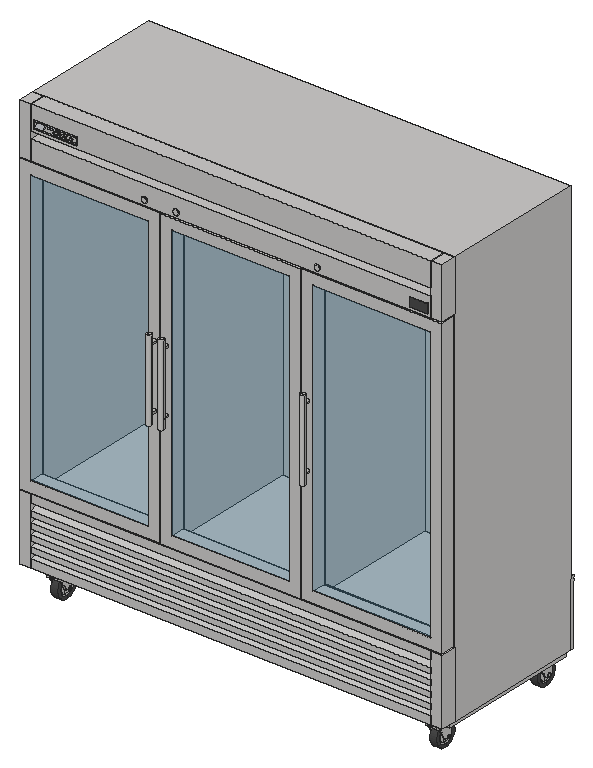
Revit family "QF_TRUE_T-72G-HC~FGD01", category Specialty Equipment, Revit 2015 (continued)
Definition of nested family "T-72G-HC-FGD01"
  Forms (in)
    Extrusion 53, solid
      sketch origin (0.01101, -26.8125, 18.875) x (0, -1, 0) y (-1, 0, 0)
        loop
          line (0, -1.157) -> (2.06523, -1.11503)
          arc (2.06523, -1.11503) -> (2.48736, -0.68546) -> (2.06523, -0.25589) r 0.42963
          line (2.06523, -0.25589) -> (0, -0.21392) -> (0, -1.157)
        loop
          circle (2.05773, -0.68546) r 0.25
      from 0 to 0.15489
    Extrusion 54, solid
      sketch origin (0.01101, -26.8125, 18.875) x (0, -1, 0) y (-1, 0, 0)
        loop
          circle (2.05773, -0.68546) r 0.25
      from 0 to 0.25
    Extrusion 55, solid
      sketch origin (24.98442, -26.46875, 73.625) x (-1, 0, 0) y (0, -1, 0)
        loop
          line (24.5625, 1.62139) -> (24.5625, 2.6725) -> (21.0974, 2.6725) -> (21.0974, 1.62139) -> (24.5625, 1.62139)
        loop
          circle (24.12704, 2.16728) r 0.25
        loop
          circle (22.47678, 2.15567) r 0.25
        loop
          circle (21.47678, 2.15567) r 0.25
      from 0 to 0.11097
    Extrusion 56, solid
      sketch origin (24.98442, -26.46875, 73.625) x (-1, 0, 0) y (0, -1, 0)
        loop
          circle (22.47678, 2.15567) r 0.25
        loop
          circle (21.47678, 2.15567) r 0.25
      from 0 to 0.25
    Extrusion 57, solid
      sketch origin (24.98442, -26.46875, 73.625) x (-1, 0, 0) y (0, -1, 0)
        loop
          circle (24.12704, 2.16728) r 0.25
      from 0 to 0.25
    Extrusion 58, solid
      sketch origin (0.17192, -26.8125, 74.11977) x (-1, 0, 0) y (0, 1, 0)
        loop
          line (-0.22917, -2.35477) -> (-0.27027, 0) -> (-1.18806, 0) -> (-1.22917, -2.35477) -> (-0.22917, -2.35477)
        loop
          circle (-0.6841, -1.82353) r 0.25
      from 0.24477 to 0.38381
    Extrusion 59, solid
      sketch origin (50.63992, -26.8125, 18.875) x (0, -1, 0) y (-1, 0, 0)
        loop
          line (0, -1.157) -> (2.06523, -1.11503)
          arc (2.06523, -1.11503) -> (2.48736, -0.68546) -> (2.06523, -0.25589) r 0.42963
          line (2.06523, -0.25589) -> (0, -0.21392) -> (0, -1.157)
        loop
          circle (2.05773, -0.68546) r 0.25
      from 0 to 0.15489
    Extrusion 60, solid
      sketch origin (50.63992, -26.8125, 18.875) x (0, -1, 0) y (-1, 0, 0)
        loop
          circle (2.05773, -0.68546) r 0.25
      from 0 to 0.25
    Extrusion 61, solid
      sketch origin (72.3474, -26.46875, 73.625) x (-1, 0, 0) y (0, -1, 0)
        loop
          line (24.5625, 1.62139) -> (24.5625, 2.6725) -> (21.0974, 2.6725) -> (21.0974, 1.62139) -> (24.5625, 1.62139)
        loop
          circle (24.12704, 2.16728) r 0.25
        loop
          circle (22.47678, 2.15567) r 0.25
        loop
          circle (21.47678, 2.15567) r 0.25
      from 0 to 0.11097
    Extrusion 62, solid
      sketch origin (72.3474, -26.46875, 73.625) x (-1, 0, 0) y (0, -1, 0)
        loop
          circle (22.47678, 2.15567) r 0.25
        loop
          circle (21.47678, 2.15567) r 0.25
      from 0 to 0.25
    Extrusion 63, solid
      sketch origin (72.3474, -26.46875, 73.625) x (-1, 0, 0) y (0, -1, 0)
        loop
          circle (24.12704, 2.16728) r 0.25
      from 0 to 0.25
    Extrusion 64, solid
      sketch origin (47.5349, -26.8125, 74.11977) x (-1, 0, 0) y (0, 1, 0)
        loop
          line (-0.22917, -2.35477) -> (-0.27027, 0) -> (-1.18806, 0) -> (-1.22917, -2.35477) -> (-0.22917, -2.35477)
        loop
          circle (-0.6841, -1.82353) r 0.25
      from 0.24477 to 0.38381
  Cuts and joins
    joined: Extrusion 1, Extrusion 6, Extrusion 11, Extrusion 14, Extrusion 15
  Lines and regions (in)
    symbolic lines
      curve 1: line (0, -29.875, 0) -> (78.125, -29.875, 0)
      curve 2: line (0, 0.625, 0) -> (0, -29.875, 0)
      curve 3: line (78.125, 0.625, 0) -> (0, 0.625, 0)
      curve 4: line (78.125, -29.875, 0) -> (78.125, 0.625, 0)
      curve 5: line (0, 0, 0) -> (78.125, 0, 0)
      curve 6: line (0, -26.875, 0) -> (78.125, -26.875, 0)
      curve 7: line (2, -29.875, 0) -> (2, -26.875, 0)
      curve 8: line (76.125, -29.875, 0) -> (76.125, -26.875, 0)
      curve 9: line (0, -29.875, 0) -> (22.13145, -42.6526, 0)
      curve 10: arc (25.875, -29.875, 0) -> (24.84728, -36.51109, 0) -> (22.13145, -42.6526, 0) r 25.63514
      curve 11: line (52, -29.875, 0) -> (29.86855, -42.6526, 0)
      curve 12: arc (26.125, -29.875, 0) -> (27.15272, -36.51109, 0) -> (29.86855, -42.6526, 0) r 25.63514
      curve 13: line (78.125, -29.875, 0) -> (55.99355, -42.6526, 0)
      curve 14: arc (52.25, -29.875, 0) -> (53.27772, -36.51109, 0) -> (55.99355, -42.6526, 0) r 25.63514
      curve 29: arc (24.44213, -31.0625, 0) -> (24.87963, -30.625, 0) -> (25.31713, -31.0625, 0) r 0.4375
      curve 30: arc (25.31713, -31.0625, 0) -> (24.87963, -31.5, 0) -> (24.44213, -31.0625, 0) r 0.4375
      curve 31: line (24.56137, -29.875, 0) -> (24.56137, -30.7623, 0)
      curve 32: line (25.19788, -29.875, 0) -> (25.19788, -30.7623, 0)
      curve 33: arc (26.69213, -31.0625, 0) -> (27.12963, -30.625, 0) -> (27.56713, -31.0625, 0) r 0.4375
      curve 34: arc (27.56713, -31.0625, 0) -> (27.12963, -31.5, 0) -> (26.69213, -31.0625, 0) r 0.4375
      curve 35: line (26.81137, -29.875, 0) -> (26.81137, -30.7623, 0)
      curve 36: line (27.44788, -29.875, 0) -> (27.44788, -30.7623, 0)
      curve 37: arc (52.81713, -31.0625, 0) -> (53.25463, -30.625, 0) -> (53.69213, -31.0625, 0) r 0.4375
      curve 38: arc (53.69213, -31.0625, 0) -> (53.25463, -31.5, 0) -> (52.81713, -31.0625, 0) r 0.4375
      curve 39: line (52.93637, -29.875, 0) -> (52.93637, -30.7623, 0)
      curve 40: line (53.57288, -29.875, 0) -> (53.57288, -30.7623, 0)
    symbolic lines, not visible
      curve 15: line (0, -29.8125, 0) -> (78.125, -29.8125, 0)
      curve 16: line (0, 0.6875, 0) -> (0, -29.8125, 0)
      curve 17: line (78.125, 0.6875, 0) -> (0, 0.6875, 0)
      curve 18: line (78.125, -29.8125, 0) -> (78.125, 0.6875, 0)
      curve 19: line (0, 0.0625, 0) -> (78.125, 0.0625, 0)
      curve 20: line (0, -26.8125, 0) -> (78.125, -26.8125, 0)
      curve 21: line (2, -29.8125, 0) -> (2, -26.8125, 0)
      curve 22: line (76.125, -29.8125, 0) -> (76.125, -26.8125, 0)
      curve 23: line (0, -29.8125, 0) -> (22.13145, -42.5901, 0)
      curve 24: arc (25.875, -29.8125, 0) -> (24.84728, -36.44859, 0) -> (22.13145, -42.5901, 0) r 25.63514
      curve 25: line (52, -29.8125, 0) -> (29.86855, -42.5901, 0)
      curve 26: arc (26.125, -29.8125, 0) -> (27.15272, -36.44859, 0) -> (29.86855, -42.5901, 0) r 25.63514
      curve 27: line (78.125, -29.8125, 0) -> (55.99355, -42.5901, 0)
      curve 28: arc (52.25, -29.8125, 0) -> (53.27772, -36.44859, 0) -> (55.99355, -42.5901, 0) r 25.63514
      curve 41: arc (24.44213, -31, 0) -> (24.87963, -30.5625, 0) -> (25.31713, -31, 0) r 0.4375
      curve 42: arc (25.31713, -31, 0) -> (24.87963, -31.4375, 0) -> (24.44213, -31, 0) r 0.4375
      curve 43: line (24.56137, -29.8125, 0) -> (24.56137, -30.6998, 0)
      curve 44: line (25.19788, -29.8125, 0) -> (25.19788, -30.6998, 0)
      curve 45: arc (26.69213, -31, 0) -> (27.12963, -30.5625, 0) -> (27.56713, -31, 0) r 0.4375
      curve 46: arc (27.56713, -31, 0) -> (27.12963, -31.4375, 0) -> (26.69213, -31, 0) r 0.4375
      curve 47: line (26.81137, -29.8125, 0) -> (26.81137, -30.6998, 0)
      curve 48: line (27.44788, -29.8125, 0) -> (27.44788, -30.6998, 0)
      curve 49: arc (52.81713, -31, 0) -> (53.25463, -30.5625, 0) -> (53.69213, -31, 0) r 0.4375
      curve 50: arc (53.69213, -31, 0) -> (53.25463, -31.4375, 0) -> (52.81713, -31, 0) r 0.4375
      curve 51: line (52.93637, -29.8125, 0) -> (52.93637, -30.6998, 0)
      curve 52: line (53.57288, -29.8125, 0) -> (53.57288, -30.6998, 0)
  Dimensions and locks (in)
    equal spacing: plane 3 "LEFT", plane 7 "Center Y", plane 4 "RIGHT"
    plane 3 "LEFT" to plane 4 "RIGHT" = 78 1/8"
    equal spacing: plane 5 "FRONT", plane 8 "Center X", plane 1 "BACK"
    plane 5 "FRONT" to plane 1 "BACK" = 29 7/8"  (x2)
    plane 6 "TOP" to level = 83 3/8"
    plane 4 "RIGHT" to plane 3 "LEFT" = 78 1/8"  (x2)
    plane 1 "BACK" to plane 9 = 54 7/8"  (x2)
    plane 11 to Extrusion 2 = 1/4"
    plane 6 "TOP" to plane 16 = 78 3/8"
    plane 6 "TOP" to plane 17 = 77"
    plane 24 to plane 1 "BACK" = 5/8"
    plane 25 to plane 5 "FRONT" = 1 5/8"  (x2)
    plane 5 "FRONT" to plane 24 = 30 1/2"  (x2)
    plane 25 to plane 24 = 32 1/8"  (x2)
    plane 1 "BACK" to plane 10 = 54 7/8"
    plane 1 "BACK" to plane 24 = 5/8"
    aligned and locked: level to plane 2
  Automatic sketch dimensions
    Extrusion 2 sketch curve to Extrusion 2 sketch curve = 1 1/4"  (x2)
    Extrusion 2 sketch curve to Extrusion 2 sketch curve = 3 3/4"
    Extrusion 2 sketch curve to Extrusion 2 sketch curve = 1 1/2"
    Extrusion 2 sketch curve to Extrusion 2 sketch curve = 1"  (x7)
    Extrusion 2 sketch curve to Extrusion 2 sketch curve = 2"
    Extrusion 2 sketch curve to Extrusion 2 sketch curve = 0"  (x9)
    Extrusion 2 sketch curve to Extrusion 2 sketch curve = 0.43712"
    Extrusion 3 sketch curve to Extrusion 3 sketch curve = 4.24538"
    Extrusion 3 sketch curve to Extrusion 3 sketch curve = 0"  (x4)
    Extrusion 6 sketch curve to Extrusion 1 = 0"  (x4)
    Extrusion 1 to Extrusion 6 sketch curve = 0"
    Extrusion 1 to Extrusion 6 sketch curve = 2"
    Extrusion 1 to Extrusion 6 sketch curve = 12 1/4"
    Extrusion 1 to Extrusion 6 sketch curve = 2 11/16"
    Extrusion 7 sketch curve to plane 11 = 0"  (x3)
    plane 11 to Extrusion 7 sketch curve = 2"  (x3)
    Extrusion 7 sketch curve to Extrusion 7 sketch curve = 1.99538"  (x2)
    Extrusion 7 sketch curve to Extrusion 7 sketch curve = 1/4"  (x2)
    Extrusion 7 sketch curve to Extrusion 7 sketch curve = 2"  (x8)
    Extrusion 7 sketch curve to Extrusion 7 sketch curve = 0"
    Extrusion 8 sketch curve to Extrusion 8 sketch curve = 9 1/2"
    Extrusion 11 sketch curve to Extrusion 11 sketch curve = 2"
    Extrusion 12 sketch curve to Extrusion 12 sketch curve = 1 3/4"
    Extrusion 12 sketch curve to Extrusion 12 sketch curve = 3 1/4"
    Extrusion 13 sketch curve to Extrusion 13 sketch curve = 0"  (x2)
    Extrusion 14 sketch curve to plane 13 = 0"
    Extrusion 14 sketch curve to plane 12 = 11 9/16"
    Extrusion 15 sketch curve to plane 15 = 0"
    Extrusion 15 sketch curve to Extrusion 15 sketch curve = 2"
    Extrusion 15 sketch curve to plane 14 = 11 9/16"
    Extrusion 3 sketch curve to Extrusion 3 sketch curve = 4.25462"
    Extrusion 13 sketch curve to Extrusion 13 sketch curve = 5.86763"
    Extrusion 14 sketch curve to Extrusion 14 sketch curve = 2"
    Extrusion 2 sketch curve to Extrusion 2 sketch curve = 2 1/2"
    Extrusion 9 sketch curve to Extrusion 1 = 1/4"  (x2)
    Extrusion 1 to Extrusion 9 sketch curve = 22 1/8"
    Extrusion 9 sketch curve to Extrusion 9 sketch curve = 1 1/2"  (x5)
    Extrusion 9 sketch curve to Extrusion 9 sketch curve = 22 3/8"  (x2)
    Extrusion 9 sketch curve to Extrusion 1 = 11 1/2"  (x2)
    Extrusion 9 sketch curve to Extrusion 9 sketch curve = 0"  (x6)
    Extrusion 9 sketch curve to Extrusion 9 sketch curve = 1.62134"  (x3)
    Extrusion 9 sketch curve to Extrusion 9 sketch curve = 3/4"  (x2)
    Extrusion 9 sketch curve to Extrusion 1 = 14 1/4"
    Extrusion 1 sketch curve to Extrusion 1 sketch curve = 2"
    Extrusion 1 sketch curve to Extrusion 1 sketch curve = 77"
    Extrusion 2 sketch curve to Extrusion 2 sketch curve = 4 1/2"
    Extrusion 2 sketch curve to Extrusion 2 sketch curve = 55 1/4"
    Extrusion 2 sketch curve to Extrusion 2 sketch curve = 2.0503"  (x2)
    Extrusion 2 sketch curve to Extrusion 2 sketch curve = 0.51258"
    Extrusion 2 sketch curve to Extrusion 2 sketch curve = 2.80755"
    Extrusion 2 sketch curve to Extrusion 2 sketch curve = 3"
    Extrusion 3 sketch curve to Extrusion 3 sketch curve = 21 7/8"  (x3)
    Extrusion 3 sketch curve to Extrusion 3 sketch curve = 50 3/4"
    plane 11 to Extrusion 7 sketch curve = 54 3/4"
    Extrusion 7 sketch curve to Extrusion 7 sketch curve = 21 7/8"  (x2)
    Extrusion 7 sketch curve to Extrusion 7 sketch curve = 21.88423"
    Extrusion 8 sketch curve to Extrusion 8 sketch curve = 55 1/4"
    Extrusion 8 sketch curve to Extrusion 8 sketch curve = 12 1/4"
    Extrusion 8 sketch curve to Extrusion 8 sketch curve = 0"
    Extrusion 8 sketch curve to Extrusion 8 sketch curve = 3"  (x2)
    Extrusion 10 sketch curve to Extrusion 10 sketch curve = 9 1/2"
    Extrusion 10 sketch curve to Extrusion 10 sketch curve = 55 1/4"
    Extrusion 10 sketch curve to Extrusion 10 sketch curve = 12 1/4"
    Extrusion 10 sketch curve to Extrusion 10 sketch curve = 0"
    Extrusion 10 sketch curve to Extrusion 10 sketch curve = 3"  (x2)
    Extrusion 11 sketch curve to Extrusion 11 sketch curve = 77"
    Extrusion 13 sketch curve to Extrusion 13 sketch curve = 26 1/8"
    Extrusion 16 sketch curve to Extrusion 16 sketch curve = 76 1/8"
    Extrusion 16 sketch curve to Extrusion 16 sketch curve = 1 3/8"
    Extrusion 18 sketch curve to Extrusion 18 sketch curve = 1 1/4"  (x2)
    Extrusion 18 sketch curve to Extrusion 18 sketch curve = 3 3/4"
    Extrusion 18 sketch curve to Extrusion 18 sketch curve = 1 1/2"
    Extrusion 18 sketch curve to Extrusion 18 sketch curve = 1"  (x7)
    Extrusion 18 sketch curve to Extrusion 18 sketch curve = 2"
    Extrusion 18 sketch curve to Extrusion 18 sketch curve = 0"  (x9)
    Extrusion 18 sketch curve to Extrusion 18 sketch curve = 0.43712"
    Extrusion 19 sketch curve to Extrusion 19 sketch curve = 4.24538"
    Extrusion 19 sketch curve to Extrusion 19 sketch curve = 0"  (x4)
    Extrusion 22 sketch curve to Extrusion 17 = 0"  (x4)
    Extrusion 17 to Extrusion 22 sketch curve = 0"
    Extrusion 17 to Extrusion 22 sketch curve = 2"
    Extrusion 17 to Extrusion 22 sketch curve = 12 1/4"
    Extrusion 17 to Extrusion 22 sketch curve = 2 11/16"
    Extrusion 23 sketch curve to plane 19 = 0"  (x3)
    plane 19 to Extrusion 23 sketch curve = 2"  (x3)
    Extrusion 23 sketch curve to Extrusion 23 sketch curve = 1.99538"  (x2)
    Extrusion 23 sketch curve to Extrusion 23 sketch curve = 1/4"  (x2)
    Extrusion 23 sketch curve to Extrusion 23 sketch curve = 2"  (x8)
    Extrusion 23 sketch curve to Extrusion 23 sketch curve = 0"
    Extrusion 24 sketch curve to Extrusion 24 sketch curve = 9 1/2"
    Extrusion 27 sketch curve to Extrusion 27 sketch curve = 2"
    Extrusion 28 sketch curve to Extrusion 28 sketch curve = 1 3/4"
    Extrusion 28 sketch curve to Extrusion 28 sketch curve = 3 1/4"
    Extrusion 29 sketch curve to Extrusion 29 sketch curve = 0"  (x2)
    Extrusion 30 sketch curve to plane 21 = 0"
    Extrusion 30 sketch curve to plane 20 = 11 9/16"
    Extrusion 31 sketch curve to plane 23 = 0"
    Extrusion 31 sketch curve to Extrusion 31 sketch curve = 2"
    Extrusion 31 sketch curve to plane 22 = 11 9/16"
    Extrusion 19 sketch curve to Extrusion 19 sketch curve = 4.25462"
    Extrusion 29 sketch curve to Extrusion 29 sketch curve = 5.86763"
    Extrusion 30 sketch curve to Extrusion 30 sketch curve = 2"
    Extrusion 18 sketch curve to Extrusion 18 sketch curve = 2 1/2"
    Extrusion 25 sketch curve to Extrusion 17 = 1/4"  (x2)
    Extrusion 17 to Extrusion 25 sketch curve = 22 1/8"
    Extrusion 25 sketch curve to Extrusion 25 sketch curve = 1 1/2"  (x5)
    Extrusion 25 sketch curve to Extrusion 25 sketch curve = 22 3/8"  (x2)
    Extrusion 25 sketch curve to Extrusion 17 = 11 1/2"  (x2)
    Extrusion 25 sketch curve to Extrusion 25 sketch curve = 0"  (x6)
    Extrusion 25 sketch curve to Extrusion 25 sketch curve = 1.62134"  (x3)
    Extrusion 25 sketch curve to Extrusion 25 sketch curve = 3/4"  (x2)
    Extrusion 25 sketch curve to Extrusion 17 = 14 1/4"
    Extrusion 17 sketch curve to Extrusion 17 sketch curve = 2"
    Extrusion 17 sketch curve to Extrusion 17 sketch curve = 77"
    Extrusion 18 sketch curve to Extrusion 18 sketch curve = 4 1/2"
    Extrusion 18 sketch curve to Extrusion 18 sketch curve = 55 1/4"
    Extrusion 18 sketch curve to Extrusion 18 sketch curve = 2.0503"  (x2)
    Extrusion 18 sketch curve to Extrusion 18 sketch curve = 0.51258"
    Extrusion 18 sketch curve to Extrusion 18 sketch curve = 2.80755"
    Extrusion 18 sketch curve to Extrusion 18 sketch curve = 3"
    Extrusion 19 sketch curve to Extrusion 19 sketch curve = 21 7/8"  (x3)
    Extrusion 19 sketch curve to Extrusion 19 sketch curve = 50 3/4"
    plane 19 to Extrusion 23 sketch curve = 54 3/4"
    Extrusion 23 sketch curve to Extrusion 23 sketch curve = 21 7/8"  (x2)
    Extrusion 23 sketch curve to Extrusion 23 sketch curve = 21.88423"
    Extrusion 24 sketch curve to Extrusion 24 sketch curve = 55 1/4"
    Extrusion 24 sketch curve to Extrusion 24 sketch curve = 12 1/4"
    Extrusion 24 sketch curve to Extrusion 24 sketch curve = 0"
    Extrusion 24 sketch curve to Extrusion 24 sketch curve = 3"  (x2)
    Extrusion 26 sketch curve to Extrusion 26 sketch curve = 9 1/2"
    Extrusion 26 sketch curve to Extrusion 26 sketch curve = 55 1/4"
    Extrusion 26 sketch curve to Extrusion 26 sketch curve = 12 1/4"
    Extrusion 26 sketch curve to Extrusion 26 sketch curve = 0"
    Extrusion 26 sketch curve to Extrusion 26 sketch curve = 3"  (x2)
    Extrusion 27 sketch curve to Extrusion 27 sketch curve = 77"
    Extrusion 29 sketch curve to Extrusion 29 sketch curve = 26 1/8"
    Extrusion 32 sketch curve to Extrusion 32 sketch curve = 76 1/8"
    Extrusion 32 sketch curve to Extrusion 32 sketch curve = 1 3/8"
    Extrusion 4 sketch curve to plane 9 = 0"  (x3)
    plane 9 to Extrusion 4 sketch curve = 25"  (x2)
    Extrusion 4 sketch curve to Extrusion 4 sketch curve = 0"
    Extrusion 4 sketch curve to Extrusion 4 sketch curve = 0.56966"  (x3)
    Extrusion 4 sketch curve to Extrusion 4 sketch curve = 0.30981"
    Extrusion 4 sketch curve to Extrusion 4 sketch curve = 1/4"  (x2)
    Extrusion 4 sketch curve to Extrusion 4 sketch curve = 25.56519"  (x2)
    Extrusion 20 sketch curve to plane 18 = 0"  (x3)
    plane 18 to Extrusion 20 sketch curve = 25"  (x2)
    Extrusion 20 sketch curve to Extrusion 20 sketch curve = 0"
    Extrusion 20 sketch curve to Extrusion 20 sketch curve = 0.56966"  (x3)
    Extrusion 20 sketch curve to Extrusion 20 sketch curve = 0.30981"
    Extrusion 20 sketch curve to Extrusion 20 sketch curve = 1/4"  (x2)
    Extrusion 20 sketch curve to Extrusion 20 sketch curve = 25.56519"  (x2)
    Revolve 35 sketch curve to Revolve 35 sketch curve = 7/16"
    Revolve 35 sketch curve to Revolve 35 sketch curve = 14 15/16"
    Revolve 35 sketch curve to Revolve 35 sketch curve = 0"  (x2)
    Revolve 35 sketch curve to Revolve 35 sketch curve = 25/64"
    Extrusion 36 sketch curve to Extrusion 36 sketch curve = 0"
    Extrusion 36 sketch curve to Extrusion 36 sketch curve = 11.57772"
    Revolve 37 sketch curve to Revolve 37 sketch curve = 7/16"
    Revolve 37 sketch curve to Revolve 37 sketch curve = 14 15/16"
    Revolve 37 sketch curve to Revolve 37 sketch curve = 0"  (x2)
    Revolve 37 sketch curve to Revolve 37 sketch curve = 25/64"
    Extrusion 38 sketch curve to Extrusion 38 sketch curve = 0"
    Extrusion 38 sketch curve to Extrusion 38 sketch curve = 11.57772"
    Revolve 39 sketch curve to Revolve 39 sketch curve = 7/16"
    Revolve 39 sketch curve to Revolve 39 sketch curve = 14 15/16"
    Revolve 39 sketch curve to Revolve 39 sketch curve = 0"  (x2)
    Revolve 39 sketch curve to Revolve 39 sketch curve = 25/64"
    Extrusion 40 sketch curve to Extrusion 40 sketch curve = 0"
    Extrusion 40 sketch curve to Extrusion 40 sketch curve = 11.57772"
    curve 29 to curve 30 = 0"  (x2)
    curve 33 to curve 34 = 0"  (x2)
    curve 37 to curve 38 = 0"  (x2)
    curve 1 to curve 10 = 0.24623"
    curve 1 to curve 9 = 22.13145"
    curve 10 to curve 29 = 2.74817"
    curve 29 to curve 34 = 2 1/4"
    curve 10 to curve 11 = 7.73709"
    curve 33 to curve 12 = 24.62415"
    curve 12 to curve 38 = 1.50085"
    curve 37 to curve 13 = 2.73892"
    curve 37 to curve 14 = 24.62415"
    curve 14 to curve 13 = 0.24623"
    curve 9 to curve 13 = 0"
    curve 10 to curve 11 = 0"
    curve 14 to curve 37 = 11.5901"
    curve 12 to curve 34 = 11.5901"
    curve 30 to curve 33 = 0"
    curve 37 to curve 13 = 1 3/16"
    curve 11 to curve 12 = 0.57146"
    curve 1 to curve 14 = 0.57146"
    curve 1 to curve 10 = 0.57146"
    curve 10 to curve 3 = 29.92854"
    curve 10 to curve 7 = 1.75377"
    curve 29 to curve 29 = 7/16"
    curve 29 to curve 31 = 0.11925"
    curve 31 to curve 32 = 0.6365"
    curve 33 to curve 33 = 7/16"
    curve 33 to curve 35 = 0.11925"
    curve 36 to curve 33 = 0.11925"
    curve 11 to curve 14 = 1/4"
    curve 38 to curve 37 = 7/16"
    curve 37 to curve 39 = 0.11925"
    curve 39 to curve 40 = 0.6365"
    curve 8 to curve 14 = 1.75377"
    curve 10 to curve 7 = 2.42854"
    curve 5 to curve 2 = 5/8"
    Extrusion 5 sketch curve to Extrusion 1 = 0"  (x2)
    Extrusion 5 sketch curve to Extrusion 1 = 3/8"
    Extrusion 5 sketch curve to Extrusion 5 sketch curve = 11.18144"
    Extrusion 5 sketch curve to Extrusion 5 sketch curve = 0.34482"
    Extrusion 5 sketch curve to Extrusion 5 sketch curve = 0.3805"
    Extrusion 5 sketch curve to Extrusion 5 sketch curve = 0.16647"
    Extrusion 5 sketch curve to Extrusion 1 = 0.32496"
    Extrusion 5 sketch curve to Extrusion 5 sketch curve = 0.17678"
    Extrusion 5 sketch curve to Extrusion 5 sketch curve = 0.14819"
    Extrusion 5 sketch curve to Extrusion 5 sketch curve = 0"
    Extrusion 5 sketch curve to Extrusion 5 sketch curve = 1/4"
    Extrusion 5 sketch curve to Extrusion 5 sketch curve = 0.30004"
    curve 41 to curve 42 = 0"  (x2)
    curve 45 to curve 46 = 0"  (x2)
    curve 49 to curve 50 = 0"  (x2)
    curve 15 to curve 24 = 0.24623"
    curve 15 to curve 23 = 22.13145"
    curve 24 to curve 41 = 2.74817"
    curve 41 to curve 46 = 2 1/4"
    curve 24 to curve 25 = 7.73709"
    curve 45 to curve 26 = 24.62415"
    curve 26 to curve 50 = 1.50085"
    curve 49 to curve 27 = 2.73892"
    curve 49 to curve 28 = 24.62415"
    curve 28 to curve 27 = 0.24623"
    curve 23 to curve 27 = 0"
    curve 24 to curve 25 = 0"
    curve 28 to curve 49 = 11.5901"
    curve 26 to curve 46 = 11.5901"
    curve 42 to curve 45 = 0"
    curve 49 to curve 27 = 1 3/16"
    curve 25 to curve 26 = 0.57146"
    curve 15 to curve 28 = 0.57146"
    curve 15 to curve 24 = 0.57146"
    curve 24 to curve 17 = 29.92854"
    curve 24 to curve 21 = 1.75377"
    curve 41 to curve 41 = 7/16"
    curve 41 to curve 43 = 0.11925"
    curve 43 to curve 44 = 0.6365"
    curve 45 to curve 45 = 7/16"
    curve 45 to curve 47 = 0.11925"
    curve 48 to curve 45 = 0.11925"
    curve 25 to curve 28 = 1/4"
    curve 50 to curve 49 = 7/16"
    curve 49 to curve 51 = 0.11925"
    curve 51 to curve 52 = 0.6365"
    curve 22 to curve 28 = 1.75377"
    curve 24 to curve 21 = 2.42854"
    curve 19 to curve 16 = 5/8"
    Extrusion 21 sketch curve to Extrusion 17 = 0"  (x2)
    Extrusion 21 sketch curve to Extrusion 17 = 3/8"
    Extrusion 21 sketch curve to Extrusion 21 sketch curve = 11.18144"
    Extrusion 21 sketch curve to Extrusion 21 sketch curve = 0.34482"
    Extrusion 21 sketch curve to Extrusion 21 sketch curve = 0.3805"
    Extrusion 21 sketch curve to Extrusion 21 sketch curve = 0.16647"
    Extrusion 21 sketch curve to Extrusion 17 = 0.32496"
    Extrusion 21 sketch curve to Extrusion 21 sketch curve = 0.17678"
    Extrusion 21 sketch curve to Extrusion 21 sketch curve = 0.14819"
    Extrusion 21 sketch curve to Extrusion 21 sketch curve = 0"
    Extrusion 21 sketch curve to Extrusion 21 sketch curve = 1/4"
    Extrusion 21 sketch curve to Extrusion 21 sketch curve = 0.30004"
    Extrusion 47 sketch curve to Extrusion 47 sketch curve = 0"  (x3)
    Extrusion 47 sketch curve to plane 5 "FRONT" = 0.99727"
    plane 4 "RIGHT" to Extrusion 47 sketch curve = 0.28248"
    Extrusion 47 sketch curve to Extrusion 47 sketch curve = 0.0075"
    plane 4 "RIGHT" to Extrusion 47 sketch curve = 1 47/256"
    Extrusion 47 sketch curve to Extrusion 47 sketch curve = 2.06523"
    plane 4 "RIGHT" to Extrusion 47 sketch curve = 0.24051"
    Extrusion 47 sketch curve to Extrusion 47 sketch curve = 0.42957"
    plane 4 "RIGHT" to Extrusion 48 sketch curve = 0.71205"
    Extrusion 48 sketch curve to plane 5 "FRONT" = 1.00477"
    Extrusion 49 sketch curve to plane 5 "FRONT" = 0.73375"
    plane 4 "RIGHT" to Extrusion 49 sketch curve = 3.7151"
    Extrusion 49 sketch curve to Extrusion 49 sketch curve = 0.37938"
    Extrusion 49 sketch curve to Extrusion 49 sketch curve = 1"
    plane 4 "RIGHT" to Extrusion 49 sketch curve = 0.68546"
    plane 4 "RIGHT" to Extrusion 49 sketch curve = 1/4"
    Extrusion 49 sketch curve to Extrusion 49 sketch curve = 0.50522"
    Extrusion 49 sketch curve to plane 5 "FRONT" = 1.25058"
    Extrusion 49 sketch curve to Extrusion 49 sketch curve = 0.51683"
    Extrusion 49 sketch curve to Extrusion 49 sketch curve = 0.53428"
    Extrusion 50 sketch curve to plane 5 "FRONT" = 1.25058"
    plane 4 "RIGHT" to Extrusion 50 sketch curve = 3.33572"
    Extrusion 50 sketch curve to Extrusion 50 sketch curve = 1"
    Extrusion 50 sketch curve to Extrusion 50 sketch curve = 0"
    Extrusion 51 sketch curve to Extrusion 51 sketch curve = 0"  (x2)
    plane 4 "RIGHT" to Extrusion 51 sketch curve = 0.68546"
    Extrusion 51 sketch curve to plane 5 "FRONT" = 1.23897"
    Extrusion 51 sketch curve to Extrusion 51 sketch curve = 1/4"
    plane 4 "RIGHT" to Extrusion 52 sketch curve = 0.22917"
    plane 4 "RIGHT" to Extrusion 52 sketch curve = 0.27027"
    plane 4 "RIGHT" to Extrusion 52 sketch curve = 0.6841"
    Extrusion 52 sketch curve to Extrusion 52 sketch curve = 0.91779"
    Extrusion 52 sketch curve to Extrusion 52 sketch curve = 0.54506"
    Extrusion 52 sketch curve to plane 5 "FRONT" = 3 1/16"
    Extrusion 52 sketch curve to plane 5 "FRONT" = 1.23897"
    Extrusion 52 sketch curve to plane 5 "FRONT" = 0.70773"
    Extrusion 53 sketch curve to Extrusion 53 sketch curve = 0"  (x2)
    plane 3 "LEFT" to Extrusion 53 sketch curve = 0.22493"
    Extrusion 53 sketch curve to plane 5 "FRONT" = 3 1/16"
    Extrusion 53 sketch curve to plane 5 "FRONT" = 1.00477"
    plane 3 "LEFT" to Extrusion 53 sketch curve = 0.2669"
    Extrusion 53 sketch curve to Extrusion 53 sketch curve = 0.0075"  (x2)
    Extrusion 53 sketch curve to Extrusion 53 sketch curve = 0.42957"
    Extrusion 53 sketch curve to Extrusion 53 sketch curve = 0.94308"
    Extrusion 54 sketch curve to plane 5 "FRONT" = 1.00477"
    plane 3 "LEFT" to Extrusion 54 sketch curve = 0.69647"
    Extrusion 55 sketch curve to plane 5 "FRONT" = 0.73375"
    plane 3 "LEFT" to Extrusion 55 sketch curve = 3.88702"
    Extrusion 55 sketch curve to Extrusion 55 sketch curve = 0.37938"
    Extrusion 55 sketch curve to Extrusion 55 sketch curve = 1"
    plane 3 "LEFT" to Extrusion 55 sketch curve = 0.85738"
    plane 3 "LEFT" to Extrusion 55 sketch curve = 0.42192"
    Extrusion 55 sketch curve to Extrusion 55 sketch curve = 0.50522"
    Extrusion 55 sketch curve to Extrusion 55 sketch curve = 0.51683"
    Extrusion 55 sketch curve to Extrusion 55 sketch curve = 0"
    Extrusion 55 sketch curve to Extrusion 55 sketch curve = 0.5459"
    Extrusion 56 sketch curve to plane 5 "FRONT" = 1.25058"
    plane 3 "LEFT" to Extrusion 56 sketch curve = 3.50763"
    Extrusion 56 sketch curve to Extrusion 56 sketch curve = 1"
    Extrusion 56 sketch curve to Extrusion 56 sketch curve = 0"
    Extrusion 57 sketch curve to Extrusion 57 sketch curve = 0"  (x2)
    plane 3 "LEFT" to Extrusion 57 sketch curve = 0.85738"
    Extrusion 57 sketch curve to plane 5 "FRONT" = 1.23897"
    Extrusion 57 sketch curve to Extrusion 57 sketch curve = 1/4"
    plane 3 "LEFT" to Extrusion 58 sketch curve = 1.40108"
    plane 3 "LEFT" to Extrusion 58 sketch curve = 1.35998"
    Extrusion 58 sketch curve to Extrusion 58 sketch curve = 0.54506"
    plane 3 "LEFT" to Extrusion 58 sketch curve = 0.44219"
    plane 3 "LEFT" to Extrusion 58 sketch curve = 0.40108"
    Extrusion 58 sketch curve to plane 5 "FRONT" = 3 1/16"
    Extrusion 58 sketch curve to plane 5 "FRONT" = 1.23897"
    Extrusion 58 sketch curve to plane 5 "FRONT" = 0.70773"
    Extrusion 59 sketch curve to Extrusion 59 sketch curve = 0"  (x2)
    Extrusion 59 sketch curve to plane 5 "FRONT" = 3 1/16"
    Extrusion 59 sketch curve to plane 5 "FRONT" = 1.00477"
    Extrusion 59 sketch curve to Extrusion 59 sketch curve = 0.0075"  (x2)
    plane 7 "Center Y" to Extrusion 59 sketch curve = 11.79134"
    Extrusion 59 sketch curve to Extrusion 59 sketch curve = 0.04197"
    Extrusion 59 sketch curve to Extrusion 59 sketch curve = 0.42957"
    Extrusion 59 sketch curve to Extrusion 59 sketch curve = 0.94308"
    Extrusion 60 sketch curve to plane 5 "FRONT" = 1.00477"
    plane 7 "Center Y" to Extrusion 60 sketch curve = 12.26288"
    Extrusion 61 sketch curve to plane 5 "FRONT" = 0.73375"
    plane 7 "Center Y" to Extrusion 61 sketch curve = 12 3/16"
    Extrusion 61 sketch curve to Extrusion 61 sketch curve = 0.37938"
    Extrusion 61 sketch curve to Extrusion 61 sketch curve = 1"
    Extrusion 61 sketch curve to Extrusion 61 sketch curve = 1.65026"
    Extrusion 61 sketch curve to Extrusion 61 sketch curve = 0.43546"
    Extrusion 61 sketch curve to Extrusion 61 sketch curve = 0.50522"
    Extrusion 61 sketch curve to Extrusion 61 sketch curve = 0.51683"
    Extrusion 61 sketch curve to Extrusion 61 sketch curve = 0"
    Extrusion 61 sketch curve to Extrusion 61 sketch curve = 0.5459"
    Extrusion 62 sketch curve to plane 5 "FRONT" = 1.25058"
    plane 7 "Center Y" to Extrusion 62 sketch curve = 11.80812"
    Extrusion 62 sketch curve to Extrusion 62 sketch curve = 1"
    Extrusion 62 sketch curve to Extrusion 62 sketch curve = 0"
    Extrusion 63 sketch curve to Extrusion 63 sketch curve = 0"  (x2)
    Extrusion 63 sketch curve to plane 5 "FRONT" = 1.23897"
    plane 7 "Center Y" to Extrusion 63 sketch curve = 9.15786"
    Extrusion 63 sketch curve to Extrusion 63 sketch curve = 1/4"
    Extrusion 64 sketch curve to plane 5 "FRONT" = 0.70773"
    plane 7 "Center Y" to Extrusion 64 sketch curve = 9.70157"
    Extrusion 64 sketch curve to plane 5 "FRONT" = 3 1/16"
    Extrusion 64 sketch curve to Extrusion 64 sketch curve = 0.0411"
    Extrusion 64 sketch curve to Extrusion 64 sketch curve = 0.54506"
    Extrusion 64 sketch curve to Extrusion 64 sketch curve = 0.91779"
    Extrusion 64 sketch curve to Extrusion 64 sketch curve = 0.45494"
    Extrusion 64 sketch curve to Extrusion 64 sketch curve = 17/32"
    radius of Extrusion 13 sketch curve = 1/2"  (x3)
    radius of Extrusion 29 sketch curve = 1/2"  (x3)
    radius of Extrusion 33 sketch curve = 1/4"
    radius of Extrusion 36 sketch curve = 0.31825"  (x2)
    radius of Extrusion 38 sketch curve = 0.31825"  (x2)
    radius of Extrusion 40 sketch curve = 0.31825"  (x2)
    radius of Extrusion 47 sketch curve = 1/4"
    radius of Extrusion 48 sketch curve = 1/4"
    radius of Extrusion 49 sketch curve = 1/4"  (x3)
    radius of Extrusion 50 sketch curve = 1/4"  (x2)
    radius of Extrusion 52 sketch curve = 1/4"
    radius of Extrusion 53 sketch curve = 1/4"
    radius of Extrusion 54 sketch curve = 1/4"
    radius of Extrusion 55 sketch curve = 1/4"  (x3)
    radius of Extrusion 56 sketch curve = 1/4"  (x2)
    radius of Extrusion 58 sketch curve = 1/4"
    radius of Extrusion 59 sketch curve = 1/4"
    radius of Extrusion 60 sketch curve = 1/4"
    radius of Extrusion 61 sketch curve = 1/4"  (x3)
    radius of Extrusion 62 sketch curve = 1/4"  (x2)
    radius of Extrusion 64 sketch curve = 1/4"
  Nested families (in)
    nested 1: "QF_LOGO_TRUE" at (2.5, -29.8125, 79.375), Show Logo <- "Show Logo", type "QF_LOGO_TRUE", detail levels medium+fine
      with Show Logo yes
  Definition of nested family "QF_LOGO_TRUE"
    Parameters (values of type "QF_LOGO_TRUE")
      Show Logo [instance] = yes
    Reference planes (in)
      plane 1 "Center (Front/Back)": y = 0
      plane 2: z = 0
      plane 3 "Center (Left/Right)": x = 0
    Forms (in)
      Extrusion 1, solid, visible <- "Show Logo", detail levels medium+fine
        sketch origin (-78.34647, 34.76905, -30.51001) x (1, 0, 0) y (0, 0, 1)
          loop
            line (81.15226, 31.65456) -> (81.07353, 31.48573) -> (82.12083, 31.48573)
            arc (82.12083, 31.48573) -> (82.14208, 31.44814) -> (82.12083, 31.41055) r 0.04386
            line (82.12083, 31.41055) -> (81.84767, 30.82478)
            arc (81.84767, 30.82478) -> (81.84531, 30.77052) -> (81.882, 30.73048) r 0.07096
            line (81.882, 30.73048) -> (82.55165, 30.73048)
            arc (82.55165, 30.73048) -> (82.63621, 30.75714) -> (82.69019, 30.82748) r 0.14742
            line (82.69019, 30.82748) -> (82.90515, 31.28847) -> (83.10265, 31.28847)
            arc (83.10265, 31.28847) -> (83.15447, 31.26942) -> (83.14697, 31.21472) r 0.04405
            line (83.14697, 31.21472) -> (82.9671, 30.82899)
            arc (82.9671, 30.82899) -> (82.9699, 30.76493) -> (83.02398, 30.73048) r 0.06943
            line (83.02398, 30.73048) -> (83.6124, 30.73048)
            arc (83.6124, 30.73048) -> (83.65748, 30.74689) -> (83.68147, 30.78844) r 0.07014
            arc (83.68147, 30.78844) -> (83.69845, 30.74745) -> (83.73943, 30.73048) r 0.05796
            line (83.73943, 30.73048) -> (84.112, 30.73048)
            arc (84.112, 30.73048) -> (84.15504, 30.74201) -> (84.18655, 30.77352) r 0.08608
            arc (84.18655, 30.77352) -> (84.20164, 30.7371) -> (84.23806, 30.72202) r 0.0515
            line (84.23806, 30.72202) -> (84.76757, 30.72202)
            arc (84.76757, 30.72202) -> (84.81086, 30.73995) -> (84.8288, 30.78324) r 0.06122
            arc (84.8288, 30.78324) -> (84.86848, 30.74355) -> (84.92269, 30.72903) r 0.10842
            line (84.92269, 30.72903) -> (85.91461, 30.72903) -> (86.02479, 30.91987) -> (85.0243, 30.91987)
            arc (85.0243, 30.91987) -> (84.99669, 30.93902) -> (84.99566, 30.97261) r 0.03732
            line (84.99566, 30.97261) -> (85.01297, 31.00972)
            arc (85.01297, 31.00972) -> (85.03954, 31.04453) -> (85.0813, 31.05774) r 0.07263
            line (85.0813, 31.05774) -> (85.40289, 31.05774)
            arc (85.40289, 31.05774) -> (85.4723, 31.07633) -> (85.52311, 31.12715) r 0.13882
            line (85.52311, 31.12715) -> (85.61625, 31.28847)
            arc (85.61625, 31.28847) -> (85.61625, 31.37458) -> (85.54168, 31.41763) r 0.08611
            line (85.54168, 31.41763) -> (85.20227, 31.41763)
            arc (85.20227, 31.41763) -> (85.11574, 31.40294) -> (85.05538, 31.33923) r 0.13863
            line (85.05538, 31.33923) -> (84.89409, 30.99333)
            arc (84.89409, 30.99333) -> (84.84649, 30.9313) -> (84.77191, 30.90778) r 0.13002
            line (84.77191, 30.90778) -> (84.41984, 30.90778)
            arc (84.41984, 30.90778) -> (84.3777, 30.95378) -> (84.38042, 31.0161) r 0.08151
            line (84.38042, 31.0161) -> (84.56766, 31.41763) -> (84.44849, 31.41763) -> (84.25012, 30.99222)
            arc (84.25012, 30.99222) -> (84.21158, 30.94199) -> (84.15119, 30.92296) r 0.10527
            line (84.15119, 30.92296) -> (83.90842, 30.92296)
            arc (83.90842, 30.92296) -> (83.8674, 30.97642) -> (83.87619, 31.04323) r 0.08805
            line (83.87619, 31.04323) -> (84.05078, 31.41763) -> (83.92772, 31.41763) -> (83.72676, 30.98668)
            arc (83.72676, 30.98668) -> (83.68011, 30.94003) -> (83.61639, 30.92296) r 0.12745
            line (83.61639, 30.92296) -> (83.26484, 30.92296)
            arc (83.26484, 30.92296) -> (83.2017, 30.9524) -> (83.19563, 31.0218) r 0.06967
            line (83.19563, 31.0218) -> (83.31118, 31.26961) -> (83.47452, 31.26961)
            arc (83.47452, 31.26961) -> (83.50209, 31.35268) -> (83.56075, 31.41763) r 0.21289
            line (83.56075, 31.41763) -> (82.92244, 31.41763)
            arc (82.92244, 31.41763) -> (82.85151, 31.40191) -> (82.80242, 31.34834) r 0.12081
            line (82.80242, 31.34834) -> (82.6294, 30.9773)
            arc (82.6294, 30.9773) -> (82.58962, 30.93752) -> (82.53528, 30.92296) r 0.10869
            line (82.53528, 30.92296) -> (82.1542, 30.92296)
            arc (82.1542, 30.92296) -> (82.12446, 30.96315) -> (82.13012, 31.01283) r 0.06822
            line (82.13012, 31.01283) -> (82.38156, 31.48573) -> (83.01596, 31.48573) -> (83.09469, 31.65456) -> (82.46029, 31.65456) -> (82.53902, 31.8234) -> (82.31334, 31.8234) -> (82.23461, 31.65456) -> (81.15226, 31.65456)
          loop
            arc (85.15937, 31.26434) -> (85.13191, 31.25698) -> (85.1118, 31.23688) r 0.05494
            line (85.1118, 31.23688) -> (85.09547, 31.18665)
            arc (85.09547, 31.18665) -> (85.10304, 31.16837) -> (85.12133, 31.16079) r 0.02586
            line (85.12133, 31.16079) -> (85.39889, 31.16079)
            arc (85.39889, 31.16079) -> (85.41888, 31.16523) -> (85.43513, 31.1777) r 0.04731
            line (85.43513, 31.1777) -> (85.44863, 31.2402)
            arc (85.44863, 31.2402) -> (85.44466, 31.25693) -> (85.42914, 31.26434) r 0.01994
            line (85.42914, 31.26434) -> (85.15937, 31.26434)
          loop
            line (78.62961, 30.74125) -> (80.12032, 30.74125) -> (80.73891, 31.81268) -> (79.2482, 31.81268) -> (78.62961, 30.74125)
        from 34.76797 to 34.83173
      Extrusion 2, solid, visible <- "Show Logo", detail levels medium+fine
        sketch origin (-142.84857, 34.75108, -33.3546) x (1, 0, 0) y (0, 0, 1)
          loop
            line (150.81107, 34.71978) -> (142.98607, 34.71978) -> (142.98607, 33.4921) -> (150.81107, 33.4921) -> (150.81107, 34.71978)
        from 34.75108 to 34.78125
      Extrusion 3, solid, visible <- "Show Logo", detail levels medium+fine
        sketch origin (-142.84857, 34.75108, -33.3546) x (1, 0, 0) y (0, 0, 1)
          loop
            line (150.94857, 34.85727) -> (142.84857, 34.85727) -> (142.84857, 33.3546) -> (150.94857, 33.3546) -> (150.94857, 34.85727)
          loop
            line (142.98607, 34.71978) -> (142.98607, 33.4921) -> (150.81107, 33.4921) -> (150.81107, 34.71978) -> (142.98607, 34.71978)
        from 34.75108 to 34.81376
      Extrusion 4, solid, not visible
        sketch origin (121.45701, -16.5, 4.98235) x (1, 0, 0) y (0, 0, 1)
          loop
            line (25.20115, 35.89949) -> (25.20115, 33.96647) -> (30.95381, 33.96647) -> (30.95381, 35.89949) -> (25.20115, 35.89949)
        from 31.5 to 31.54261
      Extrusion 5, solid, not visible
        sketch origin (121.45701, -16.5, 4.98235) x (1, 0, 0) y (0, 0, 1)
          loop
            line (26.7387, 34.95472) -> (26.61492, 34.49276) -> (27.038, 34.49276)
            arc (27.038, 34.49276) -> (27.13117, 34.52484) -> (27.18485, 34.60749) r 0.15134
            arc (27.18485, 34.60749) -> (27.20396, 34.68138) -> (27.22435, 34.75493) r 4.37326
            arc (27.22435, 34.75493) -> (27.23458, 34.81765) -> (27.22435, 34.88037) r 0.1974
            arc (27.22435, 34.88037) -> (27.18247, 34.93579) -> (27.11563, 34.95472) r 0.10914
            line (27.11563, 34.95472) -> (26.7387, 34.95472)
          loop
            line (26.90201, 34.80638) -> (26.84645, 34.59903) -> (26.92855, 34.59903)
            arc (26.92855, 34.59903) -> (26.98205, 34.6185) -> (27.01051, 34.6678) r 0.08322
            line (27.01051, 34.6678) -> (27.02399, 34.74424)
            arc (27.02399, 34.74424) -> (27.01491, 34.78454) -> (26.97985, 34.80638) r 0.05353
            line (26.97985, 34.80638) -> (26.90201, 34.80638)
          loop
            line (27.45336, 34.66131) -> (27.76233, 34.66131) -> (27.78859, 34.73909)
            arc (27.78859, 34.73909) -> (27.7878, 34.82039) -> (27.73107, 34.87864) r 0.10925
            arc (27.73107, 34.87864) -> (27.68233, 34.8944) -> (27.63139, 34.89974) r 0.24595
            line (27.63139, 34.89974) -> (27.46708, 34.89974)
            arc (27.46708, 34.89974) -> (27.4068, 34.88073) -> (27.3535, 34.84677) r 0.2421
            arc (27.3535, 34.84677) -> (27.2897, 34.76363) -> (27.26702, 34.66131) r 0.2421
            line (27.26702, 34.66131) -> (27.26702, 34.54477)
            arc (27.26702, 34.54477) -> (27.31618, 34.4956) -> (27.38334, 34.47761) r 0.13431
            line (27.38334, 34.47761) -> (27.59054, 34.47761)
            arc (27.59054, 34.47761) -> (27.63459, 34.48281) -> (27.67622, 34.49812) r 0.18924
            line (27.67622, 34.49812) -> (27.73102, 34.61563)
            arc (27.73102, 34.61563) -> (27.68453, 34.59565) -> (27.63566, 34.58252) r 0.35376
            arc (27.63566, 34.58252) -> (27.55885, 34.56956) -> (27.48204, 34.58252) r 0.23415
            arc (27.48204, 34.58252) -> (27.44492, 34.61362) -> (27.45336, 34.66131) r 0.04838
          loop
            line (27.4842, 34.73042) -> (27.62012, 34.73042) -> (27.62621, 34.76496)
            arc (27.62621, 34.76496) -> (27.58961, 34.80242) -> (27.53739, 34.80638) r 0.0742
            arc (27.53739, 34.80638) -> (27.49747, 34.77773) -> (27.4842, 34.73042) r 0.0742
          loop
            line (27.91616, 34.97572) -> (27.78675, 34.49276) -> (27.98645, 34.49276) -> (28.11586, 34.97572) -> (27.91616, 34.97572)
          loop
            line (28.13678, 34.66131) -> (28.08755, 34.47761) -> (28.27134, 34.47761) -> (28.32056, 34.66131) -> (28.43674, 34.66131) -> (28.47974, 34.78864) -> (28.36519, 34.78864)
            arc (28.36519, 34.78864) -> (28.35733, 34.81649) -> (28.36921, 34.84288) r 0.04231
            arc (28.36921, 34.84288) -> (28.431, 34.8652) -> (28.49617, 34.85686) r 0.13988
            line (28.49617, 34.85686) -> (28.53544, 34.97317)
            arc (28.53544, 34.97317) -> (28.39725, 34.99096) -> (28.25905, 34.97317) r 0.54546
            arc (28.25905, 34.97317) -> (28.20849, 34.91994) -> (28.18197, 34.85147) r 0.1894
            line (28.18197, 34.85147) -> (28.17089, 34.78864) -> (28.11397, 34.78864) -> (28.07985, 34.66131) -> (28.13678, 34.66131)
          loop
            arc (28.74846, 34.89756) -> (28.65884, 34.88533) -> (28.56922, 34.89756) r 0.33455
            line (28.56922, 34.89756) -> (28.45669, 34.47761) -> (28.63593, 34.47761) -> (28.74846, 34.89756)
          loop
            arc (28.60398, 35.01195) -> (28.57699, 34.97173) -> (28.60398, 34.9315) r 0.04347
            line (28.60398, 34.9315) -> (28.75755, 34.9315)
            arc (28.75755, 34.9315) -> (28.78645, 34.96687) -> (28.77911, 35.01195) r 0.0556
            line (28.77911, 35.01195) -> (28.60398, 35.01195)
          loop
            line (28.95336, 34.66131) -> (29.26233, 34.66131) -> (29.28859, 34.73909)
            arc (29.28859, 34.73909) -> (29.2878, 34.82039) -> (29.23107, 34.87864) r 0.10925
            arc (29.23107, 34.87864) -> (29.18233, 34.8944) -> (29.13139, 34.89974) r 0.24595
            line (29.13139, 34.89974) -> (28.96708, 34.89974)
            arc (28.96708, 34.89974) -> (28.9068, 34.88073) -> (28.8535, 34.84677) r 0.2421
            arc (28.8535, 34.84677) -> (28.7897, 34.76363) -> (28.76702, 34.66131) r 0.2421
            line (28.76702, 34.66131) -> (28.76702, 34.54477)
            arc (28.76702, 34.54477) -> (28.81618, 34.4956) -> (28.88334, 34.47761) r 0.13431
            line (28.88334, 34.47761) -> (29.09054, 34.47761)
            arc (29.09054, 34.47761) -> (29.13459, 34.48281) -> (29.17622, 34.49812) r 0.18924
            line (29.17622, 34.49812) -> (29.23102, 34.61563)
            arc (29.23102, 34.61563) -> (29.18453, 34.59565) -> (29.13566, 34.58252) r 0.35376
            arc (29.13566, 34.58252) -> (29.05885, 34.56956) -> (28.98204, 34.58252) r 0.23415
            arc (28.98204, 34.58252) -> (28.94492, 34.61362) -> (28.95336, 34.66131) r 0.04838
          loop
            line (28.9842, 34.73042) -> (29.12012, 34.73042) -> (29.12621, 34.76496)
            arc (29.12621, 34.76496) -> (29.08961, 34.80242) -> (29.03739, 34.80638) r 0.0742
            arc (29.03739, 34.80638) -> (28.99747, 34.77773) -> (28.9842, 34.73042) r 0.0742
          loop
            line (29.41616, 34.97572) -> (29.28675, 34.49276) -> (29.48645, 34.49276) -> (29.61586, 34.97572) -> (29.41616, 34.97572)
          loop
            line (29.99836, 34.97572) -> (29.95192, 34.80242)
            arc (29.95192, 34.80242) -> (29.94473, 34.85705) -> (29.90102, 34.89059) r 0.07199
            arc (29.90102, 34.89059) -> (29.80023, 34.89941) -> (29.70251, 34.87322) r 0.29131
            arc (29.70251, 34.87322) -> (29.61806, 34.7652) -> (29.5896, 34.63108) r 0.30433
            line (29.5896, 34.63108) -> (29.5896, 34.55572)
            arc (29.5896, 34.55572) -> (29.61075, 34.50463) -> (29.66184, 34.48348) r 0.07224
            line (29.66184, 34.48348) -> (29.78537, 34.48348)
            arc (29.78537, 34.48348) -> (29.83854, 34.51313) -> (29.88504, 34.55243) r 0.31609
            line (29.88504, 34.55243) -> (29.86905, 34.49276) -> (30.05973, 34.49276) -> (30.18914, 34.97572) -> (29.99836, 34.97572)
          loop
            arc (29.84537, 34.75931) -> (29.79424, 34.71128) -> (29.77745, 34.64317) r 0.12371
            arc (29.77745, 34.64317) -> (29.80071, 34.59901) -> (29.85056, 34.59647) r 0.05045
            arc (29.85056, 34.59647) -> (29.90141, 34.64047) -> (29.92536, 34.7033) r 0.13769
            arc (29.92536, 34.7033) -> (29.90211, 34.75521) -> (29.84537, 34.75931) r 0.05543
          loop
            line (26.45047, 35.26762) -> (26.58211, 35.26762)
            arc (26.58211, 35.26762) -> (26.60467, 35.30821) -> (26.62126, 35.35157) r 0.3277
            arc (26.62126, 35.35157) -> (26.62714, 35.39992) -> (26.60877, 35.44503) r 0.09693
            arc (26.60877, 35.44503) -> (26.56454, 35.48868) -> (26.50462, 35.50516) r 0.12312
            arc (26.50462, 35.50516) -> (26.44158, 35.50565) -> (26.37854, 35.50546) r 5.76967
            arc (26.37854, 35.50546) -> (26.07462, 35.42923) -> (25.81045, 35.26076) r 0.97743
            line (25.81045, 35.26076) -> (25.85921, 35.26076)
            arc (25.85921, 35.26076) -> (26.08494, 35.39361) -> (26.3396, 35.45485) r 0.88817
            arc (26.3396, 35.45485) -> (26.41429, 35.44188) -> (26.47267, 35.39352) r 0.14748
            arc (26.47267, 35.39352) -> (26.48041, 35.32725) -> (26.45047, 35.26762) r 0.11636
          loop
            arc (26.35412, 35.17841) -> (26.19578, 35.0555) -> (26.00982, 34.98069) r 0.72453
            arc (26.00982, 34.98069) -> (25.9036, 34.95581) -> (25.79459, 34.9604) r 0.40201
            arc (25.79459, 34.9604) -> (25.7275, 34.98819) -> (25.69972, 35.05528) r 0.09488
            arc (25.69972, 35.05528) -> (25.71867, 35.12629) -> (25.77049, 35.17841) r 0.1425
            line (25.77049, 35.17841) -> (25.73665, 35.18748)
            arc (25.73665, 35.18748) -> (25.67632, 35.09876) -> (25.66924, 34.99171) r 0.20432
            arc (25.66924, 34.99171) -> (25.71443, 34.9227) -> (25.79473, 34.90384) r 0.11116
            arc (25.79473, 34.90384) -> (25.91172, 34.89904) -> (26.02716, 34.91862) r 0.56145
            arc (26.02716, 34.91862) -> (26.27675, 35.021) -> (26.49584, 35.17841) r 1.15683
            line (26.49584, 35.17841) -> (26.35412, 35.17841)
        from 31.54261 to 31.56272
    Dimensions and locks (in)
      aligned and locked: level to plane 2
      aligned and locked: Extrusion 2 to Extrusion 3  (x2)
      aligned and locked: Extrusion 2 sketch curve to Extrusion 3
